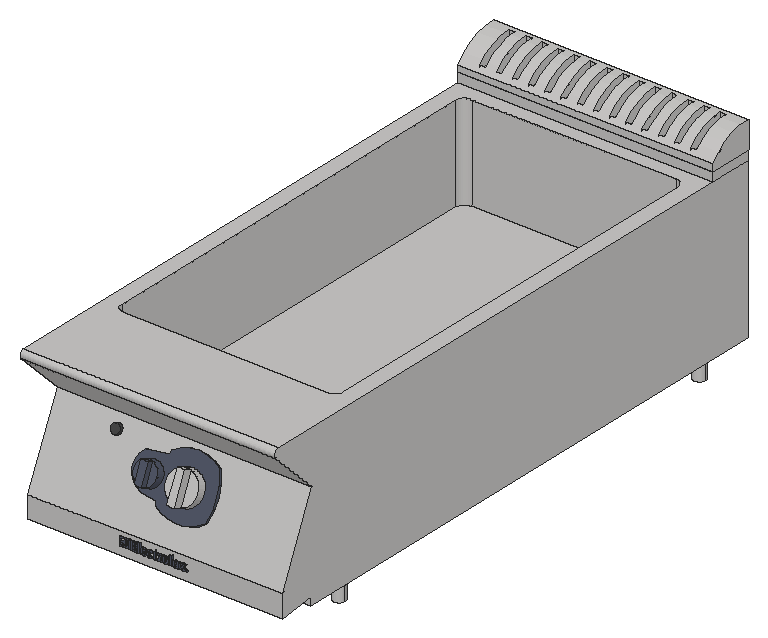
Revit family "QF_ELECTROLUXPROFESSIONAL_391109_E9BMGDB000", category Specialty Equipment, Revit 2018
Family settings
  Round Connector Dimension = Use Diameter
  Part Type = Normal
  Work Plane-Based = No
  Always vertical = Yes
  Cut with Voids When Loaded = No
  Shared = No
  Room Calculation Point = No
Parameters
  Width = 400 mm  # constant formula
  Weight in Pounds = 32  # constant formula
  Watts = 0 W
  Waste Water Discharge Temperature [instance] = -459.67 °F
  URL Cutsheet = "www.electrolux.com"
  URL = "www.electrolux.com"
  Type Mark [instance] = ""
  Status [instance] = ""
  Specification by User [instance] = ""
  Specification by Manufacturer = ""
  Show Logo [instance] = yes
  Show Clearance [instance] = yes
  Serial Number = ""
  Seismic Rating = ""
  SMACNA No = ""
  Revision Code [instance] = ""
  Plumbing Remarks [instance] = ""
  Plumbing Connection Type [instance] = ""
  Omniclass Number and Title = ""
  NAFEM Spec ID Number = ""
  Model = "391109"
  Mechanical Remarks [instance] = ""
  Mechanical Connection Type [instance] = ""
  Masterspec = ""
  Manufacturer = "ELECTROLUX"
  Item Number [instance] = ""
  Installed By [instance] = ""
  Indirect Waste Size = 50 mm  # 1.9685"
  Indirect Waste Flow [instance] = 0 GPM
  Indirect Waste Connection Type [instance] = ""
  Indirect Waste Connection Height [instance] = 0 mm
  Identify Quantity as Lot [instance] = yes
  Height [instance] = 250 mm  # constant formula
  HP = "0 HP"
  Gas Size = 19.1 mm  # 0.75197"
  Gas RI Height [instance] = 0 mm
  Gas KW [instance] = 3  # constant formula
  Gas Input [instance] = 2997.24 VA  # 10227.0 Btu/h
  Gas Connection Height = 0 mm
  Furnished By [instance] = ""
  Foodservice Equipment Identifier [instance] = yes
  Direct Waste Size = 3/4"
  Description = "900XP GAS BAIN MARIE TOP, HALF MODULE - NATURAL/LPG GAS"
  Depth = 930 mm  # constant formula
  CSI MasterFormat = ""
  CSI Master Format = ""
Reference planes
  plane 1 "BACK": y = 0
  plane 2: z = 0
  plane 3 "LEFT": x = 0
  plane 4 "RIGHT": x = 400
  plane 5 "FRONT": y = -930
  plane 6 "TOP": z = 274
  plane 7 "Center Y": x = 200
  plane 8 "Center X": y = -465
  plane 9: z = 24
  plane 10: x = 348
  plane 11: z = 331
  plane 12: x = 11
  plane 13: x = 389
  plane 14: y = -92.539
  plane 15: y = -777.539
  plane 16: x = 340
Forms (mm)
  Extrusion 1, solid, material "QF_Finishes_Stainless Steel"
    sketch origin (0, 0, 0) x (0, 1, 0) y (0, 0, 1)
      loop
        line (0, 274) -> (-922.686, 274)
        arc (-922.686, 274) -> (-929.443, 269.485) -> (-927.858, 261.514) r 7.314
        line (-927.858, 261.514) -> (-856.79, 190.447) -> (-915, 64.975) -> (-915, 30.708) -> (-859.774, 36.513) -> (-859.774, 24) -> (0, 24) -> (0, 274)
    from 0 to 400
  Extrusion 2, solid, material "QF_Finishes_Stainless Steel"
    sketch origin (0, 0, 0) x (1, 0, 0) y (0, 1, 0)
      loop
        circle (11, -82) r 9.525
      loop
        circle (11, -790) r 9.525
      loop
        circle (389, -82) r 9.525
      loop
        circle (389, -790) r 9.525
    from 0 to 24
  Extrusion 3, solid, material "QF_Finishes_Stainless Steel"
    sketch origin (0, 0, 0.362) x (0, 1, 0) y (0, 0, 1)
      loop
        line (0, 288.637) -> (0, 330.737)
        arc (0, 330.737) -> (-38.857, 323.552) -> (-69.85, 299.038) r 82.056
        line (-69.85, 299.038) -> (-69.85, 288.637) -> (0, 288.637)
    from 0 to 400.05
  Extrusion 4, void
    sketch origin (0, 0, 275) x (0, -1, 0) y (1, 0, 0)
      loop
        line (6.761, 29.703) -> (63.911, 29.703) -> (63.911, 38.999) -> (6.761, 38.999) -> (6.761, 29.703)
      loop
        line (63.911, 64.487) -> (6.761, 64.487) -> (6.761, 55.191) -> (63.911, 55.191) -> (63.911, 64.487)
      loop
        line (63.911, 89.975) -> (6.761, 89.975) -> (6.761, 80.68) -> (63.911, 80.68) -> (63.911, 89.975)
      loop
        line (63.911, 115.464) -> (6.761, 115.464) -> (6.761, 106.168) -> (63.911, 106.168) -> (63.911, 115.464)
      loop
        line (63.911, 140.952) -> (6.761, 140.952) -> (6.761, 131.656) -> (63.911, 131.656) -> (63.911, 140.952)
      loop
        line (63.911, 166.44) -> (6.761, 166.44) -> (6.761, 157.145) -> (63.911, 157.145) -> (63.911, 166.44)
      loop
        line (63.911, 191.929) -> (6.761, 191.929) -> (6.761, 182.633) -> (63.911, 182.633) -> (63.911, 191.929)
      loop
        line (63.911, 217.417) -> (6.761, 217.417) -> (6.761, 208.121) -> (63.911, 208.121) -> (63.911, 217.417)
      loop
        line (63.911, 242.905) -> (6.761, 242.905) -> (6.761, 233.61) -> (63.911, 233.61) -> (63.911, 242.905)
      loop
        line (63.911, 268.394) -> (6.761, 268.394) -> (6.761, 259.098) -> (63.911, 259.098) -> (63.911, 268.394)
      loop
        line (63.911, 293.882) -> (6.761, 293.882) -> (6.761, 284.586) -> (63.911, 284.586) -> (63.911, 293.882)
      loop
        line (63.911, 319.37) -> (6.761, 319.37) -> (6.761, 310.075) -> (63.911, 310.075) -> (63.911, 319.37)
      loop
        line (63.911, 344.859) -> (6.761, 344.859) -> (6.761, 335.563) -> (63.911, 335.563) -> (63.911, 344.859)
      loop
        line (63.911, 370.347) -> (6.761, 370.347) -> (6.761, 361.051) -> (63.911, 361.051) -> (63.911, 370.347)
    from 25.4 to 63.5
  Extrusion 5, solid, material "QF_Finishes_Stainless Steel"
    sketch origin (0, 0, 274) x (0, -1, 0) y (1, 0, 0)
      loop
        line (69.85, 0) -> (69.85, 400) -> (0, 400) -> (0, 0) -> (69.85, 0)
    from 0 to 15
  Extrusion 6, void
    sketch origin (0, 0, 274) x (0, -1, 0) y (1, 0, 0)
      loop
        arc (92.539, 40) -> (96.932, 29.393) -> (107.539, 25) r 15
        line (107.539, 25) -> (762.539, 25)
        arc (762.539, 25) -> (773.145, 29.393) -> (777.539, 40) r 15
        line (777.539, 40) -> (777.539, 360)
        arc (777.539, 360) -> (773.145, 370.607) -> (762.539, 375) r 15
        line (762.539, 375) -> (107.539, 375)
        arc (107.539, 375) -> (96.932, 370.607) -> (92.539, 360) r 15
        line (92.539, 360) -> (92.539, 40)
    from 0 to -150
  Extrusion 7, solid, material "QF_Finishes_Stainless Steel"
    sketch origin (0, -102.6, 24) x (-1, 0, 0) y (0, 1, 0)
      loop
        circle (-348, -523.4) r 9.525
    from 0 to 20
  Extrusion 8, solid, material "QF_Clearances", visible <- "Show Clearance", detail levels coarse
    sketch origin (0, 0, 0) x (1, 0, 0) y (0, 1, 0)
      loop
        line (0, 0) -> (400, 0) -> (400, -930) -> (550, -930) -> (550, 150) -> (-150, 150) -> (-150, -930) -> (0, -930) -> (0, 0)
    from 0 to 331
  Extrusion 9, solid, material "QF_Finishes_Navy Blue"
    sketch origin (-313.211, -908.962, 78.095) x (0, 0.418102, 0.9084) y (-1, 0, 0)
      loop
        arc (104.355, -502.587) -> (101.326, -501.258) -> (98.25, -500.039) r 91.066
        arc (98.25, -500.039) -> (96.592, -482.449) -> (93.213, -465.107) r 179.528
        arc (93.213, -465.107) -> (69.244, -452.795) -> (45.274, -465.107) r 29.489
        arc (45.274, -465.107) -> (38.909, -481.441) -> (37.449, -498.912) r 61.044
        arc (37.449, -498.912) -> (34.471, -499.962) -> (31.532, -501.116) r 91.066
        arc (31.532, -501.116) -> (19.517, -540.223) -> (32.929, -578.873) r 65.817
        arc (32.929, -578.873) -> (68.105, -585.173) -> (102.996, -577.452) r 91.066
        arc (102.996, -577.452) -> (115.418, -540.233) -> (104.355, -502.587) r 65.546
    from 0 to 3.175
  Extrusion 10, solid, material "QF_Finishes_Stainless Steel"
    sketch origin (65.539, -912.675, 77.62) x (0, 0.418102, 0.9084) y (-1, 0, 0)
      loop
        circle (68.826, -160.963) r 25.4
    from 0 to 12.7
  Extrusion 11, solid, material "QF_Finishes_Stainless Steel"
    sketch origin (65.539, -924.212, 82.93) x (0, 0.418102, 0.9084) y (-1, 0, 0)
      loop
        arc (93.558, -166.749) -> (94.226, -160.963) -> (93.558, -155.177) r 25.4
        line (93.558, -155.177) -> (44.094, -155.177)
        arc (44.094, -155.177) -> (43.426, -160.963) -> (44.094, -166.749) r 25.4
        line (44.094, -166.749) -> (93.558, -166.749)
    from 0 to 12.7
  Extrusion 12, solid, material "QF_Finishes_Navy Blue"
    sketch origin (8.039, -912.675, 77.62) x (0, 0.418102, 0.9084) y (-1, 0, 0)
      loop
        circle (68.826, -160.963) r 18.37
    from 0 to 12.7
  Extrusion 13, solid, material "QF_Finishes_Navy Blue"
    sketch origin (6.748, -924.212, 82.93) x (0, 0.418102, 0.9084) y (-1, 0, 0)
      loop
        arc (84.808, -167.687) -> (85.476, -161.901) -> (84.808, -156.114) r 25.4
        line (84.808, -156.114) -> (52.844, -156.114)
        arc (52.844, -156.114) -> (52.176, -161.901) -> (52.844, -167.687) r 25.4
        line (52.844, -167.687) -> (84.808, -167.687)
    from 0 to 8.112
  Extrusion 14, solid, material "QF_Finishes_Stainless Steel"
    sketch origin (-10.353, -140.237, 24) x (-1, 0, 0) y (0, 1, 0)
      loop
        circle (-350.353, -122.763) r 25
    from 0 to 20
  Extrusion 15, solid, material "QF_Finishes_Navy Blue", visible <- "Show Logo"
    sketch origin (-142.26, -915, 37.253) x (0, 0, 1) y (-1, 0, 0)
      loop
        line (20.674, -296.698) -> (8.307, -296.698)
        arc (8.307, -296.698) -> (14.491, -301.27) -> (20.674, -296.698) r 6.467
      loop
        arc (20.674, -296.069) -> (19.505, -290.926) -> (14.849, -288.448) r 6.338
        line (14.849, -288.448) -> (14.849, -290.494)
        arc (14.849, -290.494) -> (16.333, -294.149) -> (19.778, -296.069) r 5.941
        line (19.778, -296.069) -> (20.674, -296.069)
      loop
        arc (9.203, -296.069) -> (12.648, -294.149) -> (14.132, -290.494) r 5.941
        line (14.132, -290.494) -> (14.132, -288.448)
        arc (14.132, -288.448) -> (9.438, -290.922) -> (8.148, -296.069) r 6.504
        line (8.148, -296.069) -> (9.203, -296.069)
      loop
        line (21.349, -287.979) -> (7.604, -287.979) -> (7.604, -301.742) -> (21.349, -301.742) -> (21.349, -287.979)
      loop
        arc (21.432, -304.71) -> (21.085, -304.352) -> (20.718, -304.69) r 0.358
        arc (20.718, -304.69) -> (20.404, -305.44) -> (19.687, -305.825) r 1.216
        line (19.687, -305.825) -> (9.274, -305.825)
        arc (9.274, -305.825) -> (8.614, -305.548) -> (8.218, -304.951) r 1.238
        arc (8.218, -304.951) -> (7.823, -304.7) -> (7.518, -305.054) r 0.358
        line (7.518, -305.054) -> (7.518, -314.933) -> (10.269, -314.933) -> (10.269, -314.036)
        arc (10.269, -314.036) -> (9.36, -313.456) -> (8.904, -312.479) r 1.928
        line (8.904, -312.479) -> (8.904, -309.98)
        arc (8.904, -309.98) -> (9.18, -309.251) -> (9.868, -308.887) r 1.101
        line (9.868, -308.887) -> (13.955, -308.887) -> (13.955, -312.561)
        arc (13.955, -312.561) -> (13.602, -313.058) -> (13.037, -313.286) r 1.083
        arc (13.037, -313.286) -> (12.773, -313.591) -> (13.065, -313.869) r 0.292
        line (13.065, -313.869) -> (16.028, -313.869)
        arc (16.028, -313.869) -> (16.33, -313.596) -> (16.092, -313.266) r 0.305
        arc (16.092, -313.266) -> (15.601, -313.018) -> (15.296, -312.561) r 1.083
        line (15.296, -312.561) -> (15.296, -308.887) -> (19.973, -308.887) -> (19.973, -312.635)
        arc (19.973, -312.635) -> (19.759, -313.39) -> (19.153, -313.888) r 1.314
        arc (19.153, -313.888) -> (18.934, -314.292) -> (19.288, -314.585) r 0.361
        line (19.288, -314.585) -> (21.432, -314.585) -> (21.432, -304.71)
      loop
        arc (20.715, -315.365) -> (20.335, -316.284) -> (19.416, -316.664) r 1.299
        line (19.416, -316.664) -> (9.837, -316.664)
        arc (9.837, -316.664) -> (8.999, -316.286) -> (8.728, -315.408) r 1.118
        line (8.728, -315.408) -> (7.518, -315.408) -> (7.518, -320.758) -> (8.706, -320.758)
        arc (8.706, -320.758) -> (8.978, -319.841) -> (9.848, -319.445) r 1.153
        line (9.848, -319.445) -> (21.92, -319.445) -> (20.715, -315.365)
      loop
        line (12.483, -323.394) -> (12.483, -329.842) -> (13.282, -329.842)
        arc (13.282, -329.842) -> (15.862, -328.857) -> (17.131, -326.404) r 3.874
        line (17.131, -326.404) -> (17.131, -324.643)
        arc (17.131, -324.643) -> (15.944, -321.778) -> (13.08, -320.592) r 4.051
        line (13.08, -320.592) -> (11.072, -320.592)
        arc (11.072, -320.592) -> (8.253, -322.077) -> (7.202, -325.084) r 4.352
        arc (7.202, -325.084) -> (7.566, -327.547) -> (8.943, -329.621) r 5.713
        line (8.943, -329.621) -> (9.892, -329.621)
        arc (9.892, -329.621) -> (9.16, -328.052) -> (8.943, -326.334) r 5.579
        arc (8.943, -326.334) -> (9.737, -324.371) -> (11.616, -323.394) r 3.057
        line (11.616, -323.394) -> (12.483, -323.394)
      loop
        line (13.742, -323.394) -> (13.742, -326.977)
        arc (13.742, -326.977) -> (15.199, -327.024) -> (16.082, -325.864) r 1.59
        line (16.082, -325.864) -> (16.082, -325.034)
        arc (16.082, -325.034) -> (15.217, -323.779) -> (13.742, -323.394) r 2.184
      loop
        arc (16.533, -339.259) -> (17.022, -337.585) -> (17.179, -335.848) r 9.023
        line (17.179, -335.848) -> (17.179, -334.486)
        arc (17.179, -334.486) -> (16.02, -331.686) -> (13.22, -330.527) r 3.959
        line (13.22, -330.527) -> (10.62, -330.527)
        arc (10.62, -330.527) -> (8.338, -331.819) -> (7.221, -334.192) r 4.331
        line (7.221, -334.192) -> (7.221, -336.327)
        arc (7.221, -336.327) -> (7.729, -337.877) -> (8.651, -339.223) r 5.772
        arc (8.651, -339.223) -> (9.412, -339.274) -> (9.499, -338.515) r 0.553
        arc (9.499, -338.515) -> (9.111, -337.781) -> (8.977, -336.962) r 2.573
        line (8.977, -336.962) -> (8.977, -335.447)
        arc (8.977, -335.447) -> (9.983, -333.806) -> (11.798, -333.163) r 2.884
        line (11.798, -333.163) -> (13.077, -333.163)
        arc (13.077, -333.163) -> (14.898, -333.723) -> (15.824, -335.388) r 2.554
        line (15.824, -335.388) -> (15.824, -336.441)
        arc (15.824, -336.441) -> (15.493, -337.369) -> (14.836, -338.104) r 2.564
        arc (14.836, -338.104) -> (14.614, -338.821) -> (15.223, -339.259) r 0.643
        line (15.223, -339.259) -> (16.533, -339.259)
      loop
        line (15.515, -339.53) -> (15.515, -341.031) -> (9.467, -341.031)
        arc (9.467, -341.031) -> (7.879, -341.688) -> (7.221, -343.276) r 2.246
        line (7.221, -343.276) -> (7.221, -344.86)
        arc (7.221, -344.86) -> (7.535, -345.725) -> (8.035, -346.496) r 4.06
        arc (8.035, -346.496) -> (8.768, -346.629) -> (9.019, -345.928) r 0.576
        arc (9.019, -345.928) -> (8.913, -345.403) -> (8.977, -344.87) r 1.69
        arc (8.977, -344.87) -> (9.519, -344.082) -> (10.425, -343.779) r 1.506
        line (10.425, -343.779) -> (15.563, -343.779) -> (15.563, -346.176) -> (16.119, -346.733) -> (16.941, -346.733) -> (16.941, -343.873) -> (20.172, -343.873) -> (15.515, -339.53)
      loop
        line (7.438, -347.63) -> (7.438, -353.017) -> (8.548, -353.017)
        arc (8.548, -353.017) -> (8.942, -352.066) -> (9.893, -351.672) r 1.345
        line (9.893, -351.672) -> (13.509, -351.672)
        arc (13.509, -351.672) -> (14.274, -352.264) -> (14.564, -353.186) r 1.615
        line (14.564, -353.186) -> (14.564, -354.742) -> (17.119, -355.427) -> (17.119, -354.044) -> (15.177, -351.485) -> (17.057, -351.485) -> (16.773, -348.779)
        arc (16.773, -348.779) -> (16.333, -348.249) -> (15.674, -348.45) r 0.621
        arc (15.674, -348.45) -> (15.274, -348.792) -> (14.78, -348.975) r 1.501
        line (14.78, -348.975) -> (9.893, -348.975)
        arc (9.893, -348.975) -> (8.942, -348.581) -> (8.548, -347.63) r 1.345
        line (8.548, -347.63) -> (7.438, -347.63)
      loop
        line (13.54, -354.964) -> (10.848, -354.964)
        arc (10.848, -354.964) -> (8.403, -356.272) -> (7.269, -358.803) r 4.288
        arc (7.269, -358.803) -> (7.205, -360.183) -> (7.269, -361.563) r 15.022
        arc (7.269, -361.563) -> (8.403, -364.094) -> (10.848, -365.401) r 4.288
        line (10.848, -365.401) -> (13.54, -365.401)
        arc (13.54, -365.401) -> (15.986, -364.094) -> (17.119, -361.563) r 4.288
        arc (17.119, -361.563) -> (17.183, -360.183) -> (17.119, -358.803) r 15.022
        arc (17.119, -358.803) -> (15.986, -356.272) -> (13.54, -354.964) r 4.288
      loop
        line (13.745, -358.078) -> (10.643, -358.078)
        arc (10.643, -358.078) -> (8.486, -360.235) -> (10.643, -362.392) r 2.157
        line (10.643, -362.392) -> (13.745, -362.392)
        arc (13.745, -362.392) -> (15.902, -360.235) -> (13.745, -358.078) r 2.157
      loop
        arc (20.726, -365.26) -> (20.355, -366.154) -> (19.461, -366.524) r 1.264
        line (19.461, -366.524) -> (9.597, -366.524)
        arc (9.597, -366.524) -> (8.727, -366.127) -> (8.455, -365.211) r 1.153
        line (8.455, -365.211) -> (7.518, -365.211) -> (7.518, -370.319) -> (8.446, -370.319)
        arc (8.446, -370.319) -> (8.805, -369.547) -> (9.597, -369.232) r 1.153
        line (9.597, -369.232) -> (21.92, -369.232) -> (20.726, -365.26)
      loop
        arc (15.846, -369.857) -> (15.647, -370.921) -> (14.678, -371.403) r 1.215
        line (14.678, -371.403) -> (9.658, -371.403)
        arc (9.658, -371.403) -> (8.043, -372.051) -> (7.322, -373.634) r 2.338
        line (7.322, -373.634) -> (7.322, -375.148)
        arc (7.322, -375.148) -> (7.497, -376.152) -> (7.999, -377.038) r 2.979
        line (7.999, -377.038) -> (7.518, -378.835) -> (7.518, -380.524) -> (16.943, -380.524) -> (16.649, -376.32) -> (15.863, -376.32)
        arc (15.863, -376.32) -> (15.507, -377.156) -> (14.755, -377.665) r 1.605
        line (14.755, -377.665) -> (9.652, -377.665)
        arc (9.652, -377.665) -> (9.232, -376.728) -> (9.159, -375.704) r 2.94
        arc (9.159, -375.704) -> (9.72, -374.603) -> (10.873, -374.16) r 1.724
        line (10.873, -374.16) -> (17.07, -374.16) -> (15.846, -369.857)
      loop
        line (16.874, -381.377) -> (15.202, -383.423) -> (12.028, -385.729) -> (8.572, -382.617)
        arc (8.572, -382.617) -> (8.335, -382.223) -> (8.357, -381.764) r 0.789
        line (8.357, -381.764) -> (7.518, -381.764) -> (7.518, -385.309) -> (8.344, -385.309)
        arc (8.344, -385.309) -> (8.686, -384.947) -> (9.176, -385.039) r 0.52
        line (9.176, -385.039) -> (10.976, -386.51) -> (8.858, -387.886)
        arc (8.858, -387.886) -> (8.457, -387.576) -> (8.37, -387.076) r 0.7
        line (8.37, -387.076) -> (7.518, -387.076) -> (7.518, -393.003) -> (8.405, -393.003)
        arc (8.405, -393.003) -> (8.472, -392.344) -> (8.866, -391.813) r 1.247
        line (8.866, -391.813) -> (13.066, -388.532) -> (15.513, -390.585) -> (16.874, -392.327) -> (16.874, -388.604) -> (15.389, -389.026) -> (13.868, -387.749) -> (15.568, -386.559) -> (16.874, -387.336) -> (16.874, -381.377)
    from 0 to 1.644
  Extrusion 16, solid, material "QF_Finishes_Black"
    sketch origin (0, -915, 64.975) x (0, 0.418102, 0.9084) y (-1, 0, 0)
      loop
        circle (117.556, -101.317) r 7.5
    from 0 to 4
Cuts and joins
  Extrusion 4 cuts Extrusion 3
  Extrusion 6 cuts Extrusion 1
Lines and regions (mm)
  symbolic lines, style "QF_Clearances", visible <- "Show Clearance", detail levels coarse
    curve 1: line (550, -930, 0) -> (550, 150, 0)
    curve 2: line (550, 150, 0) -> (-150, 150, 0)
    curve 3: line (-150, 150, 0) -> (-150, -930, 0)
  symbolic lines
    curve 4: line (0, -930, 0) -> (400, -930, 0)
    curve 5: line (400, -930, 0) -> (400, 0, 0)
    curve 6: line (400, 0, 0) -> (0, 0, 0)
    curve 7: line (0, 0, 0) -> (0, -930, 0)
    curve 8: line (38.999, -6.761, 0) -> (38.999, -63.911, 0)
    curve 9: line (38.999, -63.911, 0) -> (29.703, -63.911, 0)
    curve 10: line (29.703, -63.911, 0) -> (29.703, -6.761, 0)
    curve 11: line (29.703, -6.761, 0) -> (38.999, -6.761, 0)
    curve 12: line (55.191, -63.911, 0) -> (55.191, -6.761, 0)
    curve 13: line (55.191, -6.761, 0) -> (64.487, -6.761, 0)
    curve 14: line (64.487, -6.761, 0) -> (64.487, -63.911, 0)
    curve 15: line (64.487, -63.911, 0) -> (55.191, -63.911, 0)
    curve 16: line (89.975, -6.761, 0) -> (89.975, -63.911, 0)
    curve 17: line (89.975, -63.911, 0) -> (80.68, -63.911, 0)
    curve 18: line (80.68, -63.911, 0) -> (80.68, -6.761, 0)
    curve 19: line (80.68, -6.761, 0) -> (89.975, -6.761, 0)
    curve 20: line (115.464, -6.761, 0) -> (115.464, -63.911, 0)
    curve 21: line (115.464, -63.911, 0) -> (106.168, -63.911, 0)
    curve 22: line (106.168, -63.911, 0) -> (106.168, -6.761, 0)
    curve 23: line (106.168, -6.761, 0) -> (115.464, -6.761, 0)
    curve 24: line (140.952, -6.761, 0) -> (140.952, -63.911, 0)
    curve 25: line (140.952, -63.911, 0) -> (131.656, -63.911, 0)
    curve 26: line (131.656, -63.911, 0) -> (131.656, -6.761, 0)
    curve 27: line (131.656, -6.761, 0) -> (140.952, -6.761, 0)
    curve 28: line (166.44, -6.761, 0) -> (166.44, -63.911, 0)
    curve 29: line (166.44, -63.911, 0) -> (157.145, -63.911, 0)
    curve 30: line (157.145, -63.911, 0) -> (157.145, -6.761, 0)
    curve 31: line (157.145, -6.761, 0) -> (166.44, -6.761, 0)
    curve 32: line (191.929, -6.761, 0) -> (191.929, -63.911, 0)
    curve 33: line (191.929, -63.911, 0) -> (182.633, -63.911, 0)
    curve 34: line (182.633, -63.911, 0) -> (182.633, -6.761, 0)
    curve 35: line (182.633, -6.761, 0) -> (191.929, -6.761, 0)
    curve 36: line (208.121, -63.911, 0) -> (208.121, -6.761, 0)
    curve 37: line (208.121, -6.761, 0) -> (217.417, -6.761, 0)
    curve 38: line (217.417, -6.761, 0) -> (217.417, -63.911, 0)
    curve 39: line (217.417, -63.911, 0) -> (208.121, -63.911, 0)
    curve 40: line (361.001, -6.761, 0) -> (361.001, -63.911, 0)
    curve 41: line (361.001, -63.911, 0) -> (370.297, -63.911, 0)
    curve 42: line (370.297, -63.911, 0) -> (370.297, -6.761, 0)
    curve 43: line (370.297, -6.761, 0) -> (361.001, -6.761, 0)
    curve 44: line (344.809, -63.911, 0) -> (344.809, -6.761, 0)
    curve 45: line (344.809, -6.761, 0) -> (335.513, -6.761, 0)
    curve 46: line (335.513, -6.761, 0) -> (335.513, -63.911, 0)
    curve 47: line (335.513, -63.911, 0) -> (344.809, -63.911, 0)
    curve 48: line (310.025, -6.761, 0) -> (310.025, -63.911, 0)
    curve 49: line (310.025, -63.911, 0) -> (319.32, -63.911, 0)
    curve 50: line (319.32, -63.911, 0) -> (319.32, -6.761, 0)
    curve 51: line (319.32, -6.761, 0) -> (310.025, -6.761, 0)
    curve 52: line (284.536, -6.761, 0) -> (284.536, -63.911, 0)
    curve 53: line (284.536, -63.911, 0) -> (293.832, -63.911, 0)
    curve 54: line (293.832, -63.911, 0) -> (293.832, -6.761, 0)
    curve 55: line (293.832, -6.761, 0) -> (284.536, -6.761, 0)
    curve 56: line (259.048, -6.761, 0) -> (259.048, -63.911, 0)
    curve 57: line (259.048, -63.911, 0) -> (268.344, -63.911, 0)
    curve 58: line (268.344, -63.911, 0) -> (268.344, -6.761, 0)
    curve 59: line (268.344, -6.761, 0) -> (259.048, -6.761, 0)
    curve 60: line (233.56, -6.761, 0) -> (233.56, -63.911, 0)
    curve 61: line (233.56, -63.911, 0) -> (242.855, -63.911, 0)
    curve 62: line (242.855, -63.911, 0) -> (242.855, -6.761, 0)
    curve 63: line (242.855, -6.761, 0) -> (233.56, -6.761, 0)
    curve 64: line (25, -107.539, 0) -> (25, -762.539, 0)
    curve 65: arc (25, -762.539, 0) -> (29.393, -773.145, 0) -> (40, -777.539, 0) r 15
    curve 66: line (40, -777.539, 0) -> (360, -777.539, 0)
    curve 67: arc (360, -777.539, 0) -> (370.607, -773.145, 0) -> (375, -762.539, 0) r 15
    curve 68: line (375, -762.539, 0) -> (375, -107.539, 0)
    curve 69: arc (375, -107.539, 0) -> (370.607, -96.932, 0) -> (360, -92.539, 0) r 15
    curve 70: line (360, -92.539, 0) -> (40, -92.539, 0)
    curve 71: arc (40, -92.539, 0) -> (29.393, -96.932, 0) -> (25, -107.539, 0) r 15
    curve 72: line (0, -69.85, 0) -> (400, -69.85, 0)
Dimensions and locks
  equal spacing: plane 3 "LEFT", plane 7 "Center Y", plane 4 "RIGHT"
  "Width": plane 3 "LEFT" to plane 4 "RIGHT"
  equal spacing: plane 5 "FRONT", plane 8 "Center X", plane 1 "BACK"
  "Depth": plane 5 "FRONT" to plane 1 "BACK"
  plane 9 to level = 24 mm  (x2)
  plane 10 to plane 4 "RIGHT" = 52 mm  (x3)
  plane 12 to plane 3 "LEFT" = 11 mm
  locked: plane 13 to plane 4 "RIGHT" at 11
  plane 1 "BACK" to plane 5 "FRONT" = 930 mm
  Extrusion 7 to plane 9 = 20 mm
  plane 1 "BACK" to Extrusion 7 = 626 mm
  plane 1 "BACK" to Extrusion 2 to Extrusion 2 to plane 5 "FRONT" = 82 mm, 708 mm, 140 mm
  plane 12 to plane 13 = 378 mm
  plane 1 "BACK" to curve 2 = 150 mm
  plane 4 "RIGHT" to curve 1 = 150 mm
  curve 3 to plane 3 "LEFT" = 150 mm
  plane 1 "BACK" to cut or joined group of Extrusion 1, Extrusion 6 = 915 mm
  plane 11 to plane 6 "TOP" = 57 mm
  Extrusion 14 sketch curve to plane 1 "BACK" = 263 mm
  Extrusion 14 sketch curve to plane 4 "RIGHT" = 60 mm
  Extrusion 7 sketch curve to plane 1 "BACK" = 626 mm
  Extrusion 7 sketch curve to plane 4 "RIGHT" = 52 mm
  Extrusion 7 to plane 1 "BACK" = 626 mm
  Extrusion 14 to plane 1 "BACK" = 263 mm
  plane 16 to plane 4 "RIGHT" = 60 mm
  "Height": plane 6 "TOP" to plane 9
  plane 6 "TOP" to plane 9 = 250 mm
  aligned and locked: level to plane 2
  aligned and locked: Extrusion 1 to plane 4 "RIGHT"
Automatic sketch dimensions
  Extrusion 1 sketch curve to plane 6 "TOP" = 0 mm
  Extrusion 1 sketch curve to plane 9 = 0 mm
  Extrusion 1 sketch curve to plane 1 "BACK" = 0 mm
  Extrusion 1 sketch curve to plane 5 "FRONT" = 73.21 mm
  plane 9 to Extrusion 1 sketch curve = 12.513 mm
  Extrusion 1 sketch curve to plane 5 "FRONT" = 70.226 mm
  plane 9 to Extrusion 1 sketch curve = 6.708 mm
  Extrusion 1 sketch curve to plane 5 "FRONT" = 15 mm
  Extrusion 1 sketch curve to plane 5 "FRONT" = 7.314 mm
  Extrusion 1 sketch curve to plane 5 "FRONT" = 2.142 mm
  Extrusion 1 sketch curve to Extrusion 1 sketch curve = 34.267 mm
  Extrusion 1 sketch curve to plane 6 "TOP" = 83.553 mm
  Extrusion 1 sketch curve to plane 6 "TOP" = 12.486 mm
  Extrusion 2 sketch curve to plane 12 = 0 mm  (x2)
  Extrusion 2 sketch curve to plane 13 = 0 mm  (x2)
  Extrusion 2 sketch curve to plane 15 = 12.461 mm  (x2)
  plane 14 to Extrusion 2 sketch curve = 10.539 mm  (x2)
  Extrusion 3 sketch curve to plane 1 "BACK" = 0 mm
  plane 1 "BACK" to Extrusion 3 sketch curve = 4.947 mm
  plane 14 to Extrusion 3 sketch curve = 22.689 mm
  Extrusion 3 sketch curve to plane 6 "TOP" = 24.807 mm
  plane 1 "BACK" to Extrusion 4 sketch curve = 6.761 mm  (x14)
  plane 14 to Extrusion 4 sketch curve = 28.628 mm
  Extrusion 4 sketch curve to plane 7 "Center Y" = 8.071 mm
  Extrusion 4 sketch curve to Extrusion 4 sketch curve = 0 mm  (x13)
  plane 10 to Extrusion 4 sketch curve = 3.141 mm
  Extrusion 4 sketch curve to Extrusion 4 sketch curve = 9.296 mm  (x14)
  Extrusion 4 sketch curve to Extrusion 4 sketch curve = 16.193 mm  (x10)
  plane 7 "Center Y" to Extrusion 4 sketch curve = 8.121 mm
  Extrusion 4 sketch curve to plane 10 = 13.051 mm
  Extrusion 9 sketch curve to Extrusion 9 sketch curve = 0 mm  (x2)
  plane 10 to Extrusion 9 sketch curve = 153.138 mm
  Extrusion 9 sketch curve to Extrusion 9 sketch curve = 112.63 mm
  plane 10 to Extrusion 9 sketch curve = 82.337 mm
  Extrusion 9 sketch curve to Extrusion 9 sketch curve = 1.398 mm
  Extrusion 9 sketch curve to Extrusion 9 sketch curve = 5.918 mm
  Extrusion 9 sketch curve to Extrusion 9 sketch curve = 7.825 mm
  Extrusion 9 sketch curve to Extrusion 9 sketch curve = 12.433 mm
  plane 10 to Extrusion 9 sketch curve = 75.91 mm
  Extrusion 9 sketch curve to Extrusion 9 sketch curve = 33.329 mm
  Extrusion 9 sketch curve to Extrusion 9 sketch curve = 28.808 mm
  Extrusion 9 sketch curve to Extrusion 9 sketch curve = 2.986 mm
  Extrusion 9 sketch curve to Extrusion 9 sketch curve = 35.441 mm
  Extrusion 9 sketch curve to Extrusion 9 sketch curve = 23.969 mm
  Extrusion 9 sketch curve to Extrusion 9 sketch curve = 31.993 mm
  Extrusion 9 sketch curve to Extrusion 9 sketch curve = 0.131 mm
  plane 10 to Extrusion 9 sketch curve = 83.759 mm
  Extrusion 9 sketch curve to Extrusion 9 sketch curve = 36.738 mm
  Extrusion 9 sketch curve to Extrusion 9 sketch curve = 6.105 mm
  Extrusion 9 sketch curve to Extrusion 9 sketch curve = 39.831 mm
  Extrusion 9 sketch curve to Extrusion 9 sketch curve = 0.002 mm
  Extrusion 9 sketch curve to Extrusion 9 sketch curve = 11.842 mm
  Extrusion 11 sketch curve to Extrusion 11 sketch curve = 24.732 mm
  Extrusion 11 sketch curve to Extrusion 11 sketch curve = 0 mm
  Extrusion 13 sketch curve to Extrusion 13 sketch curve = 0 mm
  Extrusion 13 sketch curve to Extrusion 13 sketch curve = 7.232 mm  (x3)
  Extrusion 13 sketch curve to Extrusion 13 sketch curve = 17.5 mm
  Extrusion 13 sketch curve to Extrusion 13 sketch curve = 5.786 mm
  plane 9 to Extrusion 15 sketch curve = 15.413 mm
  plane 9 to Extrusion 15 sketch curve = 20.454 mm
  plane 7 "Center Y" to Extrusion 15 sketch curve = 2.6 mm
  Extrusion 15 sketch curve to Extrusion 15 sketch curve = 5.06 mm
  Extrusion 15 sketch curve to Extrusion 15 sketch curve = 0 mm  (x28)
  Extrusion 15 sketch curve to Extrusion 15 sketch curve = 5.108 mm  (x2)
  Extrusion 15 sketch curve to Extrusion 15 sketch curve = 0.054 mm
  Extrusion 15 sketch curve to Extrusion 15 sketch curve = 0.218 mm
  Extrusion 15 sketch curve to Extrusion 15 sketch curve = 0.195 mm
  Extrusion 15 sketch curve to Extrusion 15 sketch curve = 0.249 mm
  Extrusion 15 sketch curve to Extrusion 15 sketch curve = 0.316 mm
  Extrusion 15 sketch curve to Extrusion 15 sketch curve = 0.087 mm
  Extrusion 15 sketch curve to Extrusion 15 sketch curve = 0.358 mm
  Extrusion 15 sketch curve to Extrusion 15 sketch curve = 0.481 mm
  Extrusion 15 sketch curve to Extrusion 15 sketch curve = 0.597 mm
  Extrusion 15 sketch curve to Extrusion 15 sketch curve = 0.544 mm
  Extrusion 15 sketch curve to Extrusion 15 sketch curve = 0.936 mm
  Extrusion 15 sketch curve to Extrusion 15 sketch curve = 0.594 mm
  Extrusion 15 sketch curve to Extrusion 15 sketch curve = 0.343 mm
  Extrusion 15 sketch curve to Extrusion 15 sketch curve = 0.159 mm
  Extrusion 15 sketch curve to Extrusion 15 sketch curve = 0.826 mm
  Extrusion 15 sketch curve to Extrusion 15 sketch curve = 0.839 mm
  Extrusion 15 sketch curve to Extrusion 15 sketch curve = 0.852 mm
  Extrusion 15 sketch curve to Extrusion 15 sketch curve = 0.887 mm
  Extrusion 15 sketch curve to Extrusion 15 sketch curve = 0.928 mm
  Extrusion 15 sketch curve to Extrusion 15 sketch curve = 0.938 mm
  Extrusion 15 sketch curve to Extrusion 15 sketch curve = 0.444 mm
  Extrusion 15 sketch curve to Extrusion 15 sketch curve = 1.11 mm  (x3)
  Extrusion 15 sketch curve to Extrusion 15 sketch curve = 0.215 mm
  Extrusion 15 sketch curve to Extrusion 15 sketch curve = 1.43 mm
  Extrusion 15 sketch curve to Extrusion 15 sketch curve = 1.188 mm
  Extrusion 15 sketch curve to Extrusion 15 sketch curve = 1.21 mm  (x2)
  Extrusion 15 sketch curve to Extrusion 15 sketch curve = 0.503 mm
  Extrusion 15 sketch curve to Extrusion 15 sketch curve = 0.488 mm
  Extrusion 15 sketch curve to Extrusion 15 sketch curve = 0.462 mm
  Extrusion 15 sketch curve to Extrusion 15 sketch curve = 1.386 mm
  Extrusion 15 sketch curve to Extrusion 15 sketch curve = 1.742 mm  (x2)
  Extrusion 15 sketch curve to Extrusion 15 sketch curve = 0.821 mm
  Extrusion 15 sketch curve to Extrusion 15 sketch curve = 0.497 mm
  Extrusion 15 sketch curve to Extrusion 15 sketch curve = 0.539 mm
  Extrusion 15 sketch curve to Extrusion 15 sketch curve = 0.686 mm
  Extrusion 15 sketch curve to Extrusion 15 sketch curve = 0.408 mm
  Extrusion 15 sketch curve to Extrusion 15 sketch curve = 0.528 mm
  Extrusion 15 sketch curve to Extrusion 15 sketch curve = 1.16 mm
  Extrusion 15 sketch curve to Extrusion 15 sketch curve = 0.329 mm
  Extrusion 15 sketch curve to Extrusion 15 sketch curve = 1.054 mm
  Extrusion 15 sketch curve to Extrusion 15 sketch curve = 1.056 mm
  Extrusion 15 sketch curve to Extrusion 15 sketch curve = 0.129 mm
  Extrusion 15 sketch curve to Extrusion 15 sketch curve = 0.489 mm
  Extrusion 15 sketch curve to Extrusion 15 sketch curve = 0.441 mm
  Extrusion 15 sketch curve to Extrusion 15 sketch curve = 1.151 mm
  Extrusion 15 sketch curve to Extrusion 15 sketch curve = 1.141 mm  (x2)
  Extrusion 15 sketch curve to Extrusion 15 sketch curve = 0.768 mm
  Extrusion 15 sketch curve to Extrusion 15 sketch curve = 1.653 mm
  Extrusion 15 sketch curve to Extrusion 15 sketch curve = 0.499 mm
  Extrusion 15 sketch curve to Extrusion 15 sketch curve = 0.964 mm
  Extrusion 15 sketch curve to Extrusion 15 sketch curve = 0.949 mm
  Extrusion 15 sketch curve to Extrusion 15 sketch curve = 1.345 mm  (x2)
  Extrusion 15 sketch curve to Extrusion 15 sketch curve = 1.101 mm
  Extrusion 15 sketch curve to Extrusion 15 sketch curve = 0.432 mm
  Extrusion 15 sketch curve to Extrusion 15 sketch curve = 1.142 mm
  Extrusion 15 sketch curve to Extrusion 15 sketch curve = 0.959 mm
  Extrusion 15 sketch curve to Extrusion 15 sketch curve = 0.176 mm
  Extrusion 15 sketch curve to Extrusion 15 sketch curve = 0.728 mm
  Extrusion 15 sketch curve to Extrusion 15 sketch curve = 3.375 mm  (x2)
  Extrusion 15 sketch curve to Extrusion 15 sketch curve = 0.541 mm
  Extrusion 15 sketch curve to Extrusion 15 sketch curve = 0.955 mm
  Extrusion 15 sketch curve to Extrusion 15 sketch curve = 1.251 mm
  Extrusion 15 sketch curve to Extrusion 15 sketch curve = 0.572 mm
  Extrusion 15 sketch curve to Extrusion 15 sketch curve = 1.92 mm
  Extrusion 15 sketch curve to Extrusion 15 sketch curve = 1.224 mm
  Extrusion 15 sketch curve to Extrusion 15 sketch curve = 0.745 mm
  Extrusion 15 sketch curve to Extrusion 15 sketch curve = 2.537 mm
  Extrusion 15 sketch curve to Extrusion 15 sketch curve = 0.896 mm  (x3)
  Extrusion 15 sketch curve to Extrusion 15 sketch curve = 0.036 mm
  Extrusion 15 sketch curve to Extrusion 15 sketch curve = 2.607 mm
  Extrusion 15 sketch curve to Extrusion 15 sketch curve = 0.066 mm
  Extrusion 15 sketch curve to Extrusion 15 sketch curve = 0.248 mm
  Extrusion 15 sketch curve to Extrusion 15 sketch curve = 0.449 mm
  Extrusion 15 sketch curve to Extrusion 15 sketch curve = 1.052 mm
  Extrusion 15 sketch curve to Extrusion 15 sketch curve = 1.863 mm
  Extrusion 15 sketch curve to Extrusion 15 sketch curve = 1.31 mm  (x2)
  Extrusion 15 sketch curve to Extrusion 15 sketch curve = 0.901 mm
  Extrusion 15 sketch curve to Extrusion 15 sketch curve = 1.107 mm
  Extrusion 15 sketch curve to Extrusion 15 sketch curve = 2.122 mm
  Extrusion 15 sketch curve to Extrusion 15 sketch curve = 2.101 mm
  Extrusion 15 sketch curve to Extrusion 15 sketch curve = 0.106 mm
  Extrusion 15 sketch curve to Extrusion 15 sketch curve = 0.029 mm
  Extrusion 15 sketch curve to Extrusion 15 sketch curve = 2.09 mm
  Extrusion 15 sketch curve to Extrusion 15 sketch curve = 1.279 mm
  Extrusion 15 sketch curve to Extrusion 15 sketch curve = 2.008 mm
  Extrusion 15 sketch curve to Extrusion 15 sketch curve = 0.738 mm
  Extrusion 15 sketch curve to Extrusion 15 sketch curve = 0.382 mm
  Extrusion 15 sketch curve to Extrusion 15 sketch curve = 0.384 mm
  Extrusion 15 sketch curve to Extrusion 15 sketch curve = 0.002 mm
  Extrusion 15 sketch curve to Extrusion 15 sketch curve = 0.561 mm
  Extrusion 15 sketch curve to Extrusion 15 sketch curve = 0.592 mm
  Extrusion 15 sketch curve to Extrusion 15 sketch curve = 2.692 mm
  Extrusion 15 sketch curve to Extrusion 15 sketch curve = 1.259 mm
  Extrusion 15 sketch curve to Extrusion 15 sketch curve = 0.802 mm
  Extrusion 15 sketch curve to Extrusion 15 sketch curve = 1.024 mm
  Extrusion 15 sketch curve to Extrusion 15 sketch curve = 0.682 mm
  Extrusion 15 sketch curve to Extrusion 15 sketch curve = 5.934 mm
  Extrusion 15 sketch curve to Extrusion 15 sketch curve = 2.186 mm
  Extrusion 15 sketch curve to Extrusion 15 sketch curve = 0.337 mm
  Extrusion 15 sketch curve to Extrusion 15 sketch curve = 0.021 mm
  Extrusion 15 sketch curve to Extrusion 15 sketch curve = 1.005 mm
  Extrusion 15 sketch curve to Extrusion 15 sketch curve = 0.552 mm
  Extrusion 15 sketch curve to Extrusion 15 sketch curve = 0.778 mm
  Extrusion 15 sketch curve to Extrusion 15 sketch curve = 0.063 mm
  Extrusion 15 sketch curve to Extrusion 15 sketch curve = 1.023 mm
  Extrusion 15 sketch curve to Extrusion 15 sketch curve = 3.804 mm
  Extrusion 15 sketch curve to Extrusion 15 sketch curve = 0.486 mm
  Extrusion 15 sketch curve to Extrusion 15 sketch curve = 0.266 mm  (x2)
  Extrusion 15 sketch curve to Extrusion 15 sketch curve = 1.547 mm
  Extrusion 15 sketch curve to Extrusion 15 sketch curve = 0.717 mm  (x2)
  Extrusion 15 sketch curve to Extrusion 15 sketch curve = 1.667 mm
  Extrusion 15 sketch curve to Extrusion 15 sketch curve = 3.174 mm
  Extrusion 15 sketch curve to Extrusion 15 sketch curve = 0.388 mm
  Extrusion 15 sketch curve to Extrusion 15 sketch curve = 1.342 mm
  Extrusion 15 sketch curve to Extrusion 15 sketch curve = 1.521 mm
  Extrusion 15 sketch curve to Extrusion 15 sketch curve = 0.124 mm
  Extrusion 15 sketch curve to Extrusion 15 sketch curve = 0.291 mm
  plane 7 "Center Y" to Extrusion 15 sketch curve = 3.916 mm
  Extrusion 15 sketch curve to Extrusion 15 sketch curve = 1.049 mm  (x2)
  Extrusion 15 sketch curve to Extrusion 15 sketch curve = 1.7 mm
  Extrusion 15 sketch curve to Extrusion 15 sketch curve = 0.894 mm
  Extrusion 15 sketch curve to Extrusion 15 sketch curve = 0.989 mm
  Extrusion 15 sketch curve to Extrusion 15 sketch curve = 1.168 mm
  Extrusion 15 sketch curve to Extrusion 15 sketch curve = 1.594 mm
  Extrusion 15 sketch curve to Extrusion 15 sketch curve = 0.731 mm
  Extrusion 15 sketch curve to Extrusion 15 sketch curve = 1.566 mm
  Extrusion 15 sketch curve to Extrusion 15 sketch curve = 0.064 mm
  plane 7 "Center Y" to Extrusion 15 sketch curve = 4.472 mm
  Extrusion 15 sketch curve to Extrusion 15 sketch curve = 0.556 mm  (x2)
  Extrusion 15 sketch curve to Extrusion 15 sketch curve = 0.48 mm
  Extrusion 15 sketch curve to Extrusion 15 sketch curve = 0.228 mm
  Extrusion 15 sketch curve to Extrusion 15 sketch curve = 1.018 mm
  Extrusion 15 sketch curve to Extrusion 15 sketch curve = 0.787 mm
  Extrusion 15 sketch curve to Extrusion 15 sketch curve = 0.618 mm
  Extrusion 15 sketch curve to Extrusion 15 sketch curve = 1.672 mm
  Extrusion 15 sketch curve to Extrusion 15 sketch curve = 1.361 mm
  Extrusion 15 sketch curve to Extrusion 15 sketch curve = 0.822 mm
  Extrusion 15 sketch curve to Extrusion 15 sketch curve = 0.069 mm
  Extrusion 15 sketch curve to Extrusion 15 sketch curve = 1.88 mm
  Extrusion 15 sketch curve to Extrusion 15 sketch curve = 0.42 mm
  Extrusion 15 sketch curve to Extrusion 15 sketch curve = 0.062 mm
  Extrusion 15 sketch curve to Extrusion 15 sketch curve = 1.355 mm
  Extrusion 15 sketch curve to Extrusion 15 sketch curve = 2.34 mm
  Extrusion 15 sketch curve to Extrusion 15 sketch curve = 0.493 mm
  Extrusion 15 sketch curve to Extrusion 15 sketch curve = 0.136 mm
  Extrusion 15 sketch curve to Extrusion 15 sketch curve = 0.128 mm
  Extrusion 15 sketch curve to Extrusion 15 sketch curve = 3.616 mm
  Extrusion 15 sketch curve to Extrusion 15 sketch curve = 4.207 mm
  Extrusion 15 sketch curve to Extrusion 15 sketch curve = 0.183 mm
  Extrusion 15 sketch curve to Extrusion 15 sketch curve = 0.895 mm
  Extrusion 15 sketch curve to Extrusion 15 sketch curve = 1.314 mm
  plane 7 "Center Y" to Extrusion 15 sketch curve = 1.612 mm
  Extrusion 15 sketch curve to Extrusion 15 sketch curve = 3.231 mm
  Extrusion 15 sketch curve to Extrusion 15 sketch curve = 1.299 mm
  Extrusion 15 sketch curve to Extrusion 15 sketch curve = 1.214 mm
  Extrusion 15 sketch curve to Extrusion 15 sketch curve = 1.264 mm
  Extrusion 15 sketch curve to Extrusion 15 sketch curve = 0.109 mm
  Extrusion 15 sketch curve to Extrusion 15 sketch curve = 0.357 mm
  Extrusion 15 sketch curve to Extrusion 15 sketch curve = 0.565 mm
  Extrusion 15 sketch curve to Extrusion 15 sketch curve = 2.504 mm
  Extrusion 15 sketch curve to Extrusion 15 sketch curve = 2.459 mm
  Extrusion 15 sketch curve to Extrusion 15 sketch curve = 1.322 mm
  Extrusion 15 sketch curve to Extrusion 15 sketch curve = 2.77 mm
  Extrusion 15 sketch curve to Extrusion 15 sketch curve = 2.51 mm
  Extrusion 15 sketch curve to Extrusion 15 sketch curve = 0.187 mm
  Extrusion 15 sketch curve to Extrusion 15 sketch curve = 2.559 mm
  Extrusion 15 sketch curve to Extrusion 15 sketch curve = 1.556 mm
  Extrusion 15 sketch curve to Extrusion 15 sketch curve = 0.222 mm
  Extrusion 15 sketch curve to Extrusion 15 sketch curve = 1.383 mm
  Extrusion 15 sketch curve to Extrusion 15 sketch curve = 3.114 mm
  Extrusion 15 sketch curve to Extrusion 15 sketch curve = 3.376 mm
  Extrusion 15 sketch curve to Extrusion 15 sketch curve = 0.934 mm
  Extrusion 15 sketch curve to Extrusion 15 sketch curve = 0.191 mm
  Extrusion 15 sketch curve to Extrusion 15 sketch curve = 3.696 mm
  Extrusion 15 sketch curve to Extrusion 15 sketch curve = 2.708 mm
  Extrusion 15 sketch curve to Extrusion 15 sketch curve = 3.333 mm
  Extrusion 15 sketch curve to Extrusion 15 sketch curve = 0.332 mm
  Extrusion 15 sketch curve to Extrusion 15 sketch curve = 1.087 mm
  Extrusion 15 sketch curve to Extrusion 15 sketch curve = 2.23 mm
  Extrusion 15 sketch curve to Extrusion 15 sketch curve = 2.757 mm
  Extrusion 15 sketch curve to Extrusion 15 sketch curve = 0.987 mm
  Extrusion 15 sketch curve to Extrusion 15 sketch curve = 1.529 mm
  Extrusion 15 sketch curve to Extrusion 15 sketch curve = 1.796 mm
  Extrusion 15 sketch curve to Extrusion 15 sketch curve = 2.859 mm
  Extrusion 15 sketch curve to Extrusion 15 sketch curve = 0.853 mm
  Extrusion 15 sketch curve to Extrusion 15 sketch curve = 1.241 mm
  Extrusion 15 sketch curve to Extrusion 15 sketch curve = 2.046 mm  (x2)
  Extrusion 15 sketch curve to Extrusion 15 sketch curve = 2.422 mm
  Extrusion 15 sketch curve to Extrusion 15 sketch curve = 0.27 mm  (x2)
  Extrusion 15 sketch curve to Extrusion 15 sketch curve = 0.69 mm
  Extrusion 15 sketch curve to Extrusion 15 sketch curve = 0.781 mm  (x2)
  Extrusion 15 sketch curve to Extrusion 15 sketch curve = 3.136 mm
  Extrusion 15 sketch curve to Extrusion 15 sketch curve = 1.767 mm
  Extrusion 15 sketch curve to Extrusion 15 sketch curve = 0.138 mm
  Extrusion 15 sketch curve to Extrusion 15 sketch curve = 0.777 mm
  Extrusion 15 sketch curve to Extrusion 15 sketch curve = 1.19 mm
  Extrusion 15 sketch curve to Extrusion 15 sketch curve = 0.782 mm
  Extrusion 15 sketch curve to Extrusion 15 sketch curve = 1.268 mm
  Extrusion 15 sketch curve to Extrusion 15 sketch curve = 0.422 mm  (x2)
  Extrusion 15 sketch curve to Extrusion 15 sketch curve = 1.559 mm
  Extrusion 15 sketch curve to Extrusion 15 sketch curve = 3.927 mm
  Extrusion 15 sketch curve to Extrusion 15 sketch curve = 0.983 mm
  Extrusion 15 sketch curve to Extrusion 15 sketch curve = 1.134 mm
  plane 7 "Center Y" to Extrusion 15 sketch curve = 1.016 mm
  Extrusion 15 sketch curve to Extrusion 15 sketch curve = 1.501 mm
  Extrusion 15 sketch curve to Extrusion 15 sketch curve = 1.808 mm
  Extrusion 15 sketch curve to Extrusion 15 sketch curve = 0.643 mm
  Extrusion 15 sketch curve to Extrusion 15 sketch curve = 0.916 mm
  Extrusion 15 sketch curve to Extrusion 15 sketch curve = 0.352 mm
  Extrusion 15 sketch curve to Extrusion 15 sketch curve = 0.458 mm
  Extrusion 15 sketch curve to Extrusion 15 sketch curve = 1.282 mm
  Extrusion 15 sketch curve to Extrusion 15 sketch curve = 1.363 mm
  Extrusion 15 sketch curve to Extrusion 15 sketch curve = 0.685 mm
  Extrusion 15 sketch curve to Extrusion 15 sketch curve = 0.905 mm
  Extrusion 15 sketch curve to Extrusion 15 sketch curve = 2.865 mm
  Extrusion 15 sketch curve to Extrusion 15 sketch curve = 0.472 mm
  Extrusion 15 sketch curve to Extrusion 15 sketch curve = 0.101 mm
  Extrusion 15 sketch curve to Extrusion 15 sketch curve = 0.54 mm
  Extrusion 15 sketch curve to Extrusion 15 sketch curve = 0.02 mm
  Extrusion 15 sketch curve to Extrusion 15 sketch curve = 0.468 mm
  Extrusion 15 sketch curve to Extrusion 15 sketch curve = 0.829 mm
  Extrusion 15 sketch curve to Extrusion 15 sketch curve = 0.582 mm
  Extrusion 15 sketch curve to Extrusion 15 sketch curve = 0.166 mm
  Extrusion 15 sketch curve to Extrusion 15 sketch curve = 0.16 mm
  Extrusion 15 sketch curve to Extrusion 15 sketch curve = 2.781 mm
  Extrusion 15 sketch curve to Extrusion 15 sketch curve = 1.118 mm
  Extrusion 15 sketch curve to Extrusion 15 sketch curve = 0.613 mm
  Extrusion 15 sketch curve to Extrusion 15 sketch curve = 0.361 mm
  Extrusion 15 sketch curve to Extrusion 15 sketch curve = 0.897 mm
  Extrusion 15 sketch curve to Extrusion 15 sketch curve = 0.167 mm
  Extrusion 15 sketch curve to Extrusion 15 sketch curve = 0.292 mm
  Extrusion 15 sketch curve to Extrusion 15 sketch curve = 0.305 mm
  Extrusion 15 sketch curve to Extrusion 15 sketch curve = 1.557 mm
  Extrusion 15 sketch curve to Extrusion 15 sketch curve = 2.499 mm
  Extrusion 15 sketch curve to Extrusion 15 sketch curve = 3.062 mm
  Extrusion 15 sketch curve to Extrusion 15 sketch curve = 2.968 mm
  Extrusion 15 sketch curve to Extrusion 15 sketch curve = 5.044 mm
  Extrusion 15 sketch curve to Extrusion 15 sketch curve = 0.629 mm  (x2)
  Extrusion 15 sketch curve to Extrusion 15 sketch curve = 1.131 mm
  Extrusion 15 sketch curve to Extrusion 15 sketch curve = 0.137 mm
  Extrusion 15 sketch curve to Extrusion 15 sketch curve = 0.027 mm
  Extrusion 15 sketch curve to Extrusion 15 sketch curve = 2.235 mm
  plane 6 "TOP" to Extrusion 3 sketch curve = 15 mm
  Extrusion 3 sketch curve to Extrusion 3 sketch curve = 10.4 mm
  curve 72 to plane 3 "LEFT" = 0 mm
  curve 65 to plane 15 = 0 mm
  curve 71 to plane 14 = 0 mm
  plane 1 "BACK" to curve 5 = 0 mm
  curve 5 to plane 4 "RIGHT" = 0 mm
  plane 5 "FRONT" to curve 1 = 0 mm
  plane 5 "FRONT" to curve 7 = 0 mm
  plane 5 "FRONT" to curve 3 = 0 mm
  plane 1 "BACK" to curve 10 = 6.761 mm
  plane 12 to curve 10 = 18.703 mm
  plane 12 to curve 71 = 14 mm
  curve 9 to curve 8 = 9.296 mm
  curve 64 to curve 65 = 15 mm
  curve 71 to curve 71 = 15 mm
  plane 1 "BACK" to curve 13 = 6.761 mm
  curve 8 to curve 13 = 16.193 mm
  curve 12 to curve 15 = 9.296 mm
  plane 1 "BACK" to curve 19 = 6.761 mm
  curve 13 to curve 19 = 16.193 mm
  curve 17 to curve 17 = 9.296 mm
  plane 1 "BACK" to curve 23 = 6.761 mm
  curve 16 to curve 23 = 16.193 mm
  curve 21 to curve 20 = 9.296 mm
  plane 1 "BACK" to curve 27 = 6.761 mm
  curve 20 to curve 27 = 16.193 mm
  curve 25 to curve 25 = 9.296 mm
  curve 24 to curve 30 = 16.193 mm
  curve 29 to curve 28 = 9.296 mm
  plane 1 "BACK" to curve 35 = 6.761 mm
  curve 28 to curve 35 = 16.193 mm
  curve 33 to plane 7 "Center Y" = 8.071 mm
  plane 7 "Center Y" to curve 36 = 8.121 mm
  curve 36 to curve 38 = 9.296 mm
  plane 1 "BACK" to curve 60 = 6.761 mm
  curve 37 to curve 60 = 16.143 mm
  curve 60 to curve 61 = 9.296 mm
  plane 1 "BACK" to curve 59 = 6.761 mm
  curve 62 to curve 59 = 16.193 mm
  curve 56 to curve 58 = 9.296 mm
  curve 57 to curve 52 = 16.193 mm
  curve 52 to curve 54 = 9.296 mm
  plane 1 "BACK" to curve 48 = 6.761 mm
  curve 54 to curve 48 = 16.193 mm
  curve 48 to curve 50 = 9.296 mm
  plane 16 to curve 45 = 4.487 mm
  plane 10 to curve 45 = 3.191 mm
  curve 69 to plane 10 = 12 mm
  curve 67 to plane 10 = 12 mm
  curve 40 to plane 10 = 13.001 mm
  curve 69 to plane 14 = 15 mm
  curve 40 to curve 41 = 9.296 mm
  plane 14 to curve 72 = 22.689 mm
  plane 14 to curve 16 = 28.628 mm
  curve 14 to curve 17 = 0 mm
  curve 8 to curve 12 = 0 mm
  curve 16 to curve 20 = 0 mm
  plane 14 to curve 62 = 28.628 mm
  curve 20 to curve 24 = 0 mm
  curve 61 to curve 58 = 0 mm
  curve 24 to curve 28 = 0 mm
  curve 57 to curve 54 = 0 mm
  curve 28 to curve 32 = 0 mm
  curve 53 to curve 50 = 0 mm
  curve 32 to curve 36 = 0 mm
  curve 49 to curve 47 = 0 mm
  curve 44 to curve 40 = 0 mm
  plane 1 "BACK" to curve 43 = 6.761 mm
  plane 1 "BACK" to curve 44 = 6.761 mm
  plane 1 "BACK" to curve 38 = 6.761 mm
  plane 1 "BACK" to curve 52 = 6.761 mm
  plane 1 "BACK" to curve 31 = 6.761 mm
  Extrusion 5 sketch curve to Extrusion 1 = 0 mm  (x3)
  Extrusion 1 to Extrusion 5 sketch curve = 69.85 mm
  Extrusion 1 to Extrusion 6 sketch curve = 40 mm
  Extrusion 1 to Extrusion 6 sketch curve = 92.539 mm
  Extrusion 6 sketch curve to Extrusion 6 sketch curve = 15 mm  (x3)
  Extrusion 1 to Extrusion 6 sketch curve = 160.147 mm  (x2)
  Extrusion 1 to Extrusion 6 sketch curve = 25 mm
  plane 5 "FRONT" to Extrusion 8 sketch curve = 0 mm  (x2)
  Extrusion 8 sketch curve to plane 3 "LEFT" = 0 mm
  Extrusion 8 sketch curve to plane 4 "RIGHT" = 0 mm
  plane 1 "BACK" to Extrusion 8 sketch curve = 0 mm
  Extrusion 8 sketch curve to plane 3 "LEFT" = 150 mm
  Extrusion 8 sketch curve to plane 4 "RIGHT" = 150 mm
  Extrusion 8 sketch curve to plane 1 "BACK" = 150 mm
  plane 12 to Extrusion 16 sketch curve = 90.317 mm
  radius of Extrusion 2 sketch curve = 9.525 mm  (x4)
  radius of Extrusion 10 sketch curve = 25.4 mm
  radius of Extrusion 11 sketch curve to Extrusion 10 = 0 mm  (x2)
  radius of Extrusion 12 sketch curve = 18.37 mm
  radius of Extrusion 7 sketch curve = 9.525 mm
  radius of Extrusion 14 sketch curve = 25 mm
  radius of Extrusion 16 sketch curve = 7.5 mm
Connectors
  piping at (348, -626, 4), diameter 19
    settings: on Extrusion 7, index 1, connector inside diameter 0.74803", connector length 0 mm, flow factor 0, pipe flow 0 GPM, pressure drop 0.00 psi, fitting loss kfactor 0, connector angle 0.00°, fixture units 0, engagement length 0 mm, angle of deflection 0.00°, flow configuration 1, flow direction 1, fitting loss method 0, system type 7, joint type 0, gender type 0, connector reference index -1, connector utility 0, adjustable connector no, is connector primary yes, connector description "GAS CONNECTION"
  piping at (340, -263, 4), diameter 50
    settings: on Extrusion 14, index 2, connector inside diameter 1.9685", connector length 0 mm, flow factor 0, pipe flow 0 GPM, pressure drop 0.00 psi, fitting loss kfactor 0, connector angle 0.00°, fixture units 0, engagement length 0 mm, angle of deflection 0.00°, flow configuration 1, flow direction 2, fitting loss method 0, system type 16, joint type 0, gender type 0, connector reference index -1, connector utility 0, adjustable connector no, is connector primary no, connector description "DRAIN"
